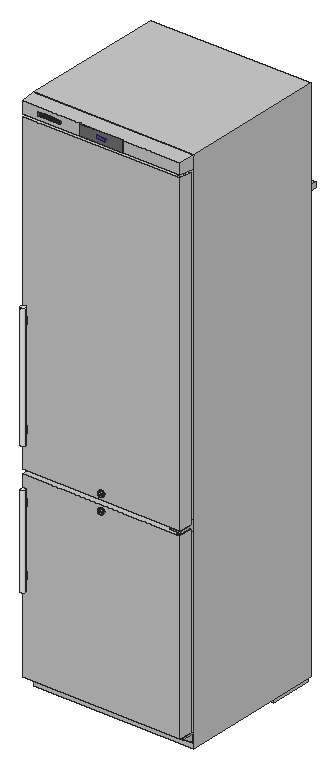
Revit family "QF_LIEBHERR_GCv 4060.191129010224", category Specialty Equipment, Revit 2016
Family settings
  Part Type = Normal
  Round Connector Dimension = Use Diameter
  OmniClass Number = 23.40.40.14
  OmniClass Title = Food Service Equipment
  Work Plane-Based = No
  Always vertical = Yes
  Cut with Voids When Loaded = No
  Shared = No
  Room Calculation Point = No
Parameters (values of type "GCv 4060_230V/1Ph/50Hz")
  URL catalogue = ""
  URL = "home.liebherr.com"
  Type de Raccord Electrique [instance] = ""
  Type article [instance] = ""
  Tension = 230 V
  Status [instance] = ""
  Spécification technique = ""
  Spécification du Fabricant [instance] = ""
  Spécification de l'Utilisateur [instance] = ""
  SMACNA No spécifique pour les matériaux  Etats Unis = ""
  Quantité par lot [instance] = no
  Puissance électrique  = 200 W
  Puissance en CV = ""
  Puissance Apparente = 200 VA
  Protection de l'Appareil = 0 A
  Profondeur hors tout = 615 mm
  Poids net à vide = 81.00 kg
  Phase = 1
  Numéro de Série = ""
  Nombres de Pôles = 2
  Nombre d'identification NAFEM = ""
  Model = "GCv 4060"
  Manufacturer = "LIEBHERR"
  Longueur hors tout = 597 mm
  Intensité nominale courant electrique = 1.5 A
  Installé Par [instance] = ""
  Identifiant Equipement [instance] = no
  Hauteur hors tout = 2003 mm
  Hauteur de Raccordement du Sol Finis [instance] = 50 mm
  Hauteur de Raccordement du Sol Brut [instance] = 0 mm
  Fréquence = 50 Hz
  Fournis Par [instance] = ""
  Description = "FRIDGE/FREEZER GCV 4060, +5/+20°C, S/STEEL EXTERIOR PS INTERIOR, 240/105 L NET"
  Câble de connexion à l'appareil inclus = no
  Cost = 0
  Consommation d'énergie minimale = 0 A
  Connexion prise électrique  = ""
  Code de Révision [instance] = ""
  Classification dans le projet = ""
  Classement sismique = ""
  Accessoires = no
Reference planes
  plane 1 "Centre (avant/arrière)": y = 0
  plane 2: z = 0
  plane 3 "Centre (gauche/droite)": x = 0
Forms (mm)
  Extrusion 1, solid, not visible
    sketch origin (529, -2, 64) x (1, 0, 0) y (0, 1, 0)
      loop
        line (0, 0) -> (2, 0) -> (2, 2) -> (0, 2) -> (0, 0)
    from 0 to 2
Dimensions and locks
  aligned and locked: level to plane 2
Nested families
  nested 1: "QF_LIEBHERR_GCv 4060_230V_1Ph_50Hz" at (0, 0, 15), type "GCv 4060_230V/1Ph/50Hz"
    with Show Logo yes, Show Clearance yes
  nested 2: "QF_LIEBHERR_GCV4060_DOOR_RX" at (0, 0, 15), type "GCV4060_DOOR_RX"
    with Show Logo yes, Show Clearance yes
  nested 3: "QF_LIEBHERR_GCV4060_LEGS" at (0, 0, 0), type "GCV4060_LEGS"
    with Show Logo yes, Show Clearance yes
Connectors
  electrical at (530, 0, 65), driven by "Puissance Apparente", driven by "Nombres de Pôles", driven by "Tension"
    settings: on Extrusion 1, index 1, voltage 230 V, apparent load 0 VA, apparent load phase1 200 VA, apparent load phase2 0 VA, apparent load phase3 0 VA, power factor 1, load classification "Other", number of poles 2, system type 31, power factor state 1, is connector primary yes, connector utility no, sub classification motor no, connector description "Electric connection for 'GCV 4060'"
Definition of nested family "QF_LIEBHERR_GCv 4060_230V_1Ph_50Hz"
  Parameters (values of type "GCv 4060_230V/1Ph/50Hz")
    URL = "home.liebherr.com"
    Show Logo [instance] = yes
    Show Clearance [instance] = yes
    Model = "GCv 4060"
    Manufacturer = "LIEBHERR"
    Description = "FRIDGE/FREEZER GCV 4060, +5/+20°C, S/STEEL EXTERIOR PS INTERIOR, 240/105 L NET"
    Assembly Code = "E1090320"
  Reference planes
    plane 1 "Back": y = 0
    plane 2: z = 0
    plane 3 "Left": x = 0
    plane 4 "Right": x = 597
    plane 5 "Front": y = -615
    plane 6 "Top": z = 1988
  Forms (mm)
    Extrusion 1, solid
      sketch origin (0, 8.25, -14.95) x (0, 1, 0) y (0, 0, 1)
        loop
          line (-17.8, 2002.95) -> (-565.3, 2002.95) -> (-565.3, 14.95) -> (-17.8, 14.95) -> (-17.8, 2002.95)
      from 0 to 597
    Extrusion 2, solid
      sketch origin (0, -1.3, 89.85) x (1, 0, 0) y (0, 1, 0)
        loop
          line (32, 1.3) -> (32, -8.25) -> (224, -8.25) -> (224, 1.3) -> (32, 1.3)
        loop
          line (373, 1.3) -> (373, -8.25) -> (565, -8.25) -> (565, 1.3) -> (373, 1.3)
      from 1834.25 to 1883.25
    Extrusion 3, solid, visible <- "Show Logo"
      sketch origin (-246.919, -615, 31.588) x (1, 0, 0) y (0, 0, 1)
        loop
          line (309.542, 1937.598) -> (309.542, 1926.598) -> (317.534, 1926.598) -> (317.534, 1929.598) -> (314.534, 1929.598) -> (314.534, 1937.598) -> (309.542, 1937.598)
        loop
          line (318.542, 1937.598) -> (318.542, 1926.598) -> (323.534, 1926.598) -> (323.534, 1937.598) -> (318.542, 1937.598)
        loop
          line (325.425, 1937.598) -> (325.425, 1926.598) -> (332.444, 1926.598) -> (332.444, 1929.098) -> (330.418, 1929.098) -> (330.418, 1931.098) -> (332.444, 1931.098) -> (332.444, 1933.098) -> (330.418, 1933.098) -> (330.418, 1935.098) -> (332.444, 1935.098) -> (332.444, 1937.598) -> (325.425, 1937.598)
        loop
          line (334.425, 1937.598) -> (334.425, 1926.598) -> (341.444, 1926.598)
          arc (341.444, 1926.598) -> (344.324, 1928.719) -> (343.152, 1932.098) r 3.015
          arc (343.152, 1932.098) -> (344.324, 1935.477) -> (341.444, 1937.598) r 3.015
          line (341.444, 1937.598) -> (334.425, 1937.598)
        loop
          line (340.389, 1935.098) -> (339.418, 1935.098) -> (339.418, 1933.098) -> (340.389, 1933.098)
          arc (340.389, 1933.098) -> (341.389, 1934.098) -> (340.389, 1935.098) r 1
        loop
          arc (340.456, 1929.098) -> (341.456, 1930.098) -> (340.456, 1931.098) r 1
          line (340.456, 1931.098) -> (339.418, 1931.098) -> (339.418, 1929.098) -> (340.456, 1929.098)
        loop
          line (346.398, 1937.598) -> (346.398, 1926.598) -> (351.391, 1926.598) -> (351.391, 1931.098) -> (353.417, 1931.098) -> (353.417, 1926.598) -> (358.41, 1926.598) -> (358.41, 1937.598) -> (353.417, 1937.598) -> (353.417, 1933.098) -> (351.391, 1933.098) -> (351.391, 1937.598) -> (346.398, 1937.598)
        loop
          line (359.811, 1937.598) -> (359.811, 1926.598) -> (366.83, 1926.598) -> (366.83, 1929.098) -> (364.803, 1929.098) -> (364.803, 1931.098) -> (366.83, 1931.098) -> (366.83, 1933.098) -> (364.803, 1933.098) -> (364.803, 1935.098) -> (366.83, 1935.098) -> (366.83, 1937.598) -> (359.811, 1937.598)
        loop
          line (368.822, 1937.598) -> (368.822, 1926.598) -> (373.814, 1926.598) -> (373.814, 1929.098) -> (374.887, 1926.598) -> (379.88, 1926.598) -> (378.318, 1930.237)
          arc (378.318, 1930.237) -> (379.724, 1934.807) -> (375.841, 1937.598) r 4.097
          line (375.841, 1937.598) -> (368.822, 1937.598)
        loop
          line (374.786, 1935.098) -> (373.814, 1935.098) -> (373.814, 1932.141) -> (374.786, 1932.141)
          arc (374.786, 1932.141) -> (376.264, 1933.619) -> (374.786, 1935.098) r 1.479
        loop
          line (381.56, 1937.598) -> (381.56, 1926.598) -> (386.553, 1926.598) -> (386.553, 1929.098) -> (387.626, 1926.598) -> (392.618, 1926.598) -> (391.057, 1930.237)
          arc (391.057, 1930.237) -> (392.463, 1934.807) -> (388.58, 1937.598) r 4.097
          line (388.58, 1937.598) -> (381.56, 1937.598)
        loop
          line (387.524, 1935.098) -> (386.553, 1935.098) -> (386.553, 1932.141) -> (387.524, 1932.141)
          arc (387.524, 1932.141) -> (389.003, 1933.619) -> (387.524, 1935.098) r 1.479
      from 0 to 2
    Extrusion 4, solid
      sketch origin (80, -9.55, 0) x (1, 0, 0) y (0, 0, 1)
        loop
          circle (450, 50) r 5
      from 0 to -5
    Extrusion 5, solid
      sketch origin (0, 65.18, 114.687) x (1, 0, 0) y (0, 1, 0)
        loop
          line (218.423, -681.18) -> (378.423, -681.18) -> (378.423, -679.18) -> (218.423, -679.18) -> (218.423, -681.18)
      from 1828.057 to 1871.29
    Extrusion 6, solid
      sketch origin (0, -615, 111.411) x (1, 0, 0) y (0, 0, 1)
        loop
          line (283.423, 1847.949) -> (313.423, 1847.949) -> (313.423, 1857.949) -> (283.423, 1857.949) -> (283.423, 1847.949)
      from 0 to 2
    Blend 7, solid
      base sketch origin (0, 0, 0) x (1, 0, 0) y (0, 0, 1)
        loop
          line (0, 1988) -> (0, 1942.107) -> (597, 1942.107) -> (597, 1988) -> (0, 1988)
      top sketch origin (0, 0, 0) x (1, 0, 0) y (0, 0, 1)
        loop
          line (5.536, 1985.976) -> (5.536, 1942.996) -> (592.211, 1942.996) -> (592.211, 1985.976) -> (5.536, 1985.976)
      from 557.05 to 615
    Extrusion 8, solid
      sketch origin (0, 0, 0) x (0, 1, 0) y (0, 0, 1)
        loop
          line (4.2, 1767.15) -> (-9.55, 1767.15) -> (-9.55, 1668.85) -> (4.2, 1668.85) -> (4.2, 1767.15)
      from 274.5 to 385.5
    Extrusion 9, solid
      sketch origin (0, 0, 0) x (0, 1, 0) y (0, 0, 1)
        loop
          line (13.45, 1644.75) -> (-9.55, 1644.75) -> (-9.55, 1625.25) -> (13.45, 1625.25) -> (13.45, 1644.75)
      from 1.25 to 20.75
    Extrusion 10, solid
      sketch origin (575, 0, 0) x (0, 1, 0) y (0, 0, 1)
        loop
          line (13.45, 1644.75) -> (-9.55, 1644.75) -> (-9.55, 1625.25) -> (13.45, 1625.25) -> (13.45, 1644.75)
      from 1.25 to 20.75
  Lines and regions (mm)
    symbolic lines
      curve 1: line (0, -9.55, 0) -> (597, -9.55, 0)
      curve 2: line (597, -9.55, 0) -> (597, -557.05, 0)
      curve 3: line (0, -557.05, 0) -> (0, -9.55, 0)
      curve 4: line (32, -9.55, 0) -> (32, 0, 0)
      curve 5: line (32, 0, 0) -> (224, 0, 0)
      curve 6: line (224, 0, 0) -> (224, -9.55, 0)
      curve 7: line (373, -9.55, 0) -> (373, 0, 0)
      curve 8: line (373, 0, 0) -> (565, 0, 0)
      curve 9: line (565, 0, 0) -> (565, -9.55, 0)
      curve 10: line (0, -557.05, 0) -> (597, -557.05, 0)
      curve 11: line (0, -557.05, 0) -> (5.536, -615, 0)
      curve 12: line (5.536, -615, 0) -> (592.211, -615, 0)
      curve 13: line (592.211, -615, 0) -> (597, -557.05, 0)
      curve 14: line (1.25, 13.45, 0) -> (1.25, -9.55, 0)
      curve 15: line (1.25, 13.45, 0) -> (20.75, 13.45, 0)
      curve 16: line (20.75, 13.45, 0) -> (20.75, -9.55, 0)
      curve 17: line (274.5, 4.2, 0) -> (274.5, -9.55, 0)
      curve 18: line (274.5, 4.2, 0) -> (385.5, 4.2, 0)
      curve 19: line (385.5, 4.2, 0) -> (385.5, 0, 0)
      curve 20: line (576.25, 13.45, 0) -> (576.25, -9.55, 0)
      curve 21: line (576.25, 13.45, 0) -> (595.75, 13.45, 0)
      curve 22: line (595.75, 13.45, 0) -> (595.75, -9.55, 0)
  Dimensions and locks
    plane 5 "Front" to plane 1 "Back" = 615 mm
    plane 3 "Left" to plane 4 "Right" = 597 mm
    plane 6 "Top" to level = 1988 mm
    aligned and locked: level to plane 2
  Connectors
    electrical at (530, -9.55, 50)
      settings: on Extrusion 4, index 1, voltage 0 V, apparent load 0 VA, apparent load phase1 0 VA, apparent load phase2 0 VA, apparent load phase3 0 VA, power factor 1, load classification none, number of poles 1, system type 31, power factor state 1, is connector primary yes, connector utility no, sub classification motor no, connector description "Electrical connection"
Definition of nested family "QF_LIEBHERR_GCV4060_DOOR_RX"
  Parameters (values of type "GCV4060_DOOR_RX")
    URL catalogue [instance] = ""
    URL = "home.liebherr.com"
    Status [instance] = ""
    Spécification technique [instance] = ""
    Spécification du Fabricant [instance] = ""
    Spécification de l'Utilisateur [instance] = ""
    Show Logo [instance] = yes
    Show Clearance [instance] = yes
    SMACNA No spécifique pour les matériaux  Etats Unis [instance] = ""
    Quantité par lot [instance] = no
    Profondeur hors tout [instance] = 60 mm
    Poids net à vide [instance] = 0.00 kg
    Numéro de Série [instance] = ""
    Nombre d'identification NAFEM [instance] = ""
    Model = "GCV4060_DOOR_RX"
    Manufacturer = "LIEBHERR"
    Longueur hors tout [instance] = 597 mm
    Installé Par [instance] = ""
    Identifiant Equipement [instance] = no
    Hauteur hors tout [instance] = 1876 mm
    Fournis Par [instance] = ""
    Description = "DOOR WITH RIGHT OPENING"
    Cost = 0
    Code de Révision [instance] = ""
    Classification dans le projet [instance] = ""
    Classement sismique [instance] = ""
    Assembly Code = "E1090320"
    Accessoires [instance] = yes
  Reference planes
    plane 1 "Back": y = 0
    plane 2: z = 0
    plane 3 "Left": x = 0
    plane 4 "Right": x = 597
    plane 5 "Front": y = -615
    plane 6 "Top": z = 1942.634
  Forms (mm)
    Extrusion 1, solid
      sketch origin (-50.476, 119.155, 0) x (0, 1, 0) y (0, 0, 1)
        loop
          line (-689.839, 721.811) -> (-689.839, 71.8) -> (-676.205, 71.8) -> (-676.205, 721.811) -> (-689.839, 721.811)
      from 71.474 to 626.478
    Extrusion 2, solid
      sketch origin (-130.588, 122.448, 1893.567) x (1, 0, 0) y (0, 1, 0)
        loop
          circle (709.086, -713.896) r 10
      from 39.232 to 49.068
    Extrusion 3, solid, visible <- "Show Clearance", detail levels coarse
      sketch origin (-76.5, 119.155, 0) x (1, 0, 0) y (0, 1, 0)
        loop
          line (673.5, -734.155) -> (75.689, -734.155)
          arc (75.689, -734.155) -> (245.158, -1124.817) -> (633.5, -1299.54) r 589.779
          line (633.5, -1299.54) -> (673.5, -1299.54) -> (673.5, -734.155)
      from 56.8 to 736.8
    Extrusion 4, solid
      sketch origin (0, 49.7, 0) x (1, 0, 0) y (0, 1, 0)
        loop
          line (1.303, -620.385) -> (5.536, -664.7) -> (592.211, -664.7) -> (595.873, -620.385) -> (1.303, -620.385)
      from 56.8 to 736.8
    Extrusion 5, solid
      sketch origin (0, 49.7, -841.103) x (1, 0, 0) y (0, 1, 0)
        loop
          arc (3.682, -654.047) -> (9.479, -674.601) -> (24.635, -689.648) r 42
          arc (24.635, -689.648) -> (30.1, -687.782) -> (35.804, -688.686) r 12
          line (35.804, -688.686) -> (37.258, -686.062)
          arc (37.258, -686.062) -> (31.11, -684.564) -> (25.055, -686.401) r 12
          arc (25.055, -686.401) -> (11.955, -672.892) -> (6.705, -654.822) r 39
          line (6.705, -654.822) -> (6.705, -620.385) -> (3.083, -620.385) -> (3.682, -654.047)
      from 1487.903 to 1512.903
    Extrusion 6, solid
      sketch origin (0, 49.7, -1085.103) x (1, 0, 0) y (0, 1, 0)
        loop
          arc (3.682, -654.047) -> (9.479, -674.601) -> (24.635, -689.648) r 42
          arc (24.635, -689.648) -> (30.1, -687.782) -> (35.804, -688.686) r 12
          line (35.804, -688.686) -> (37.258, -686.062)
          arc (37.258, -686.062) -> (31.11, -684.564) -> (25.055, -686.401) r 12
          arc (25.055, -686.401) -> (11.955, -672.892) -> (6.705, -654.822) r 39
          line (6.705, -654.822) -> (6.705, -620.385) -> (3.083, -620.385) -> (3.682, -654.047)
      from 1487.903 to 1512.903
    Extrusion 7, solid
      sketch origin (0, 49.7, -841.103) x (1, 0, 0) y (0, 1, 0)
        loop
          circle (31.077, -696.739) r 9
      from 1208.403 to 1547.903
    Revolve 8, solid
      sketch origin (298.5, -1.45, 0) x (0, 1, 0) y (0, 0, 1)
        loop
          line (-624.05, 715.3) -> (-613.55, 715.3) -> (-613.55, 726.3) -> (-616.052, 726.3) -> (-618.052, 724.3) -> (-619.05, 724.3) -> (-621.05, 722.3) -> (-621.05, 721.212) -> (-622.05, 721.212) -> (-624.05, 720.212) -> (-624.05, 715.3)
        axis (-613.55, 715.3) -> (-624.05, 715.3)
      angle from 0 to 360
    Extrusion 9, solid
      sketch origin (597.453, 119.155, 784.171) x (0, 1, 0) y (0, 0, -1)
        loop
          line (-676.205, 21.171) -> (-676.205, 58.171) -> (-684.205, 58.171) -> (-684.205, 42.671) -> (-731.205, 42.671) -> (-731.205, 36.671) -> (-684.205, 36.671) -> (-684.205, 21.171) -> (-676.205, 21.171)
      from 5.453 to 46.453
    Extrusion 10, solid
      sketch origin (-149.976, 119.155, 10.632) x (0, 1, 0) y (0, 0, 1)
        loop
          line (-680.221, 13.941) -> (-680.221, 39.157) -> (-723.896, 39.157) -> (-680.221, 13.941)
      from 672.942 to 677.942
    Extrusion 11, solid
      sketch origin (-128.048, 122.448, 10.632) x (1, 0, 0) y (0, 1, 0)
        loop
          circle (709.086, -713.896) r 10
      from 42.671 to 46.168
    Extrusion 12, solid
      sketch origin (600.024, 119.155, 10.632) x (0, 1, 0) y (0, 0, -1)
        loop
          line (-676.205, -7.53) -> (-680.221, -7.53) -> (-680.221, -39.157) -> (-723.896, -39.157) -> (-723.896, -42.671) -> (-676.205, -42.671) -> (-676.205, -7.53)
      from 4.769 to 77.058
    Extrusion 13, solid
      sketch origin (1268.197, 119.155, 10.632) x (0, 1, 0) y (0, 0, -1)
        loop
          line (-680.221, -13.941) -> (-723.896, -39.157) -> (-680.221, -39.157) -> (-680.221, -13.941)
      from 672.942 to 677.942
    Extrusion 14, solid
      sketch origin (1234.552, 119.155, 10.632) x (0, 1, 0) y (0, 0, -1)
        loop
          line (-680.221, -13.941) -> (-723.896, -39.157) -> (-680.221, -39.157) -> (-680.221, -13.941)
      from 672.942 to 677.942
    Extrusion 15, solid
      sketch origin (-50.476, 119.155, 695.7) x (0, 1, 0) y (0, 0, 1)
        loop
          line (-689.839, 1222.099) -> (-689.839, 71.8) -> (-676.205, 71.8) -> (-676.205, 1222.099) -> (-689.839, 1222.099)
      from 71.474 to 626.478
    Extrusion 16, solid, visible <- "Show Clearance", detail levels coarse
      sketch origin (-76.5, 119.155, 695.7) x (1, 0, 0) y (0, 1, 0)
        loop
          line (673.5, -734.155) -> (75.689, -734.155)
          arc (75.689, -734.155) -> (245.158, -1124.817) -> (633.5, -1299.54) r 589.779
          line (633.5, -1299.54) -> (673.5, -1299.54) -> (673.5, -734.155)
      from 56.8 to 1237.099
    Extrusion 17, solid
      sketch origin (0, 49.7, 695.7) x (1, 0, 0) y (0, 1, 0)
        loop
          line (1.303, -620.385) -> (5.536, -664.7) -> (592.211, -664.7) -> (595.873, -620.385) -> (1.303, -620.385)
      from 56.8 to 1237.099
    Extrusion 18, solid
      sketch origin (0, 49.7, -230.403) x (1, 0, 0) y (0, 1, 0)
        loop
          arc (3.682, -654.047) -> (9.479, -674.601) -> (24.635, -689.648) r 42
          arc (24.635, -689.648) -> (30.1, -687.782) -> (35.804, -688.686) r 12
          line (35.804, -688.686) -> (37.258, -686.062)
          arc (37.258, -686.062) -> (31.11, -684.564) -> (25.055, -686.401) r 12
          arc (25.055, -686.401) -> (11.955, -672.892) -> (6.705, -654.822) r 39
          line (6.705, -654.822) -> (6.705, -620.385) -> (3.083, -620.385) -> (3.682, -654.047)
      from 1487.903 to 1512.903
    Extrusion 19, solid
      sketch origin (0, 49.7, -595.403) x (1, 0, 0) y (0, 1, 0)
        loop
          arc (3.682, -654.047) -> (9.479, -674.601) -> (24.635, -689.648) r 42
          arc (24.635, -689.648) -> (30.1, -687.782) -> (35.804, -688.686) r 12
          line (35.804, -688.686) -> (37.258, -686.062)
          arc (37.258, -686.062) -> (31.11, -684.564) -> (25.055, -686.401) r 12
          arc (25.055, -686.401) -> (11.955, -672.892) -> (6.705, -654.822) r 39
          line (6.705, -654.822) -> (6.705, -620.385) -> (3.083, -620.385) -> (3.682, -654.047)
      from 1487.903 to 1512.903
    Extrusion 20, solid
      sketch origin (0, 49.7, -230.403) x (1, 0, 0) y (0, 1, 0)
        loop
          circle (31.077, -696.739) r 9
      from 1087.903 to 1547.903
    Revolve 21, solid
      sketch origin (298.5, -1.45, 58.7) x (0, 1, 0) y (0, 0, 1)
        loop
          line (-624.05, 715.3) -> (-613.55, 715.3) -> (-613.55, 726.3) -> (-616.052, 726.3) -> (-618.052, 724.3) -> (-619.05, 724.3) -> (-621.05, 722.3) -> (-621.05, 721.212) -> (-622.05, 721.212) -> (-624.05, 720.212) -> (-624.05, 715.3)
        axis (-613.55, 715.3) -> (-624.05, 715.3)
      angle from 0 to 360
    Extrusion 22, solid
      sketch origin (-128.048, 113.346, 706.332) x (1, 0, 0) y (0, 1, 0)
        loop
          circle (709.086, -713.896) r 10
      from 41.168 to 46.168
    Extrusion 23, solid
      sketch origin (-128.048, 113.346, 694.129) x (1, 0, 0) y (0, 1, 0)
        loop
          circle (709.086, -713.896) r 10
      from 42.671 to 47.371
  Lines and regions (mm)
    symbolic lines, visible <- "Show Clearance"
      curve 1: line (597, -1180.385, 0) -> (597, -557.05, 0)
      curve 2: line (557, -1180.385, 0) -> (557, -619.813, 0)
      curve 3: line (557, -1180.385, 0) -> (597, -1180.385, 0)
      curve 4: arc (-0.439, -559.95, 0) -> (149.784, -985.617, 0) -> (557, -1180.385, 0) r 589.779
  Dimensions and locks
    plane 5 "Front" to plane 1 "Back" = 615 mm
    plane 3 "Left" to plane 4 "Right" = 597 mm
    plane 6 "Top" to level = 1942.634 mm
    aligned and locked: level to plane 2
Definition of nested family "QF_LIEBHERR_GCV4060_LEGS"
  Parameters (values of type "GCV4060_LEGS")
    URL catalogue [instance] = ""
    URL = "home.liebherr.com"
    Status [instance] = ""
    Spécification technique [instance] = ""
    Spécification du Fabricant [instance] = ""
    Spécification de l'Utilisateur [instance] = ""
    Show Logo [instance] = yes
    Show Clearance [instance] = yes
    SMACNA No spécifique pour les matériaux  Etats Unis [instance] = ""
    Quantité par lot [instance] = no
    Profondeur hors tout [instance] = 615 mm
    Poids net à vide [instance] = 0.00 kg
    Numéro de Série [instance] = ""
    Nombre d'identification NAFEM [instance] = ""
    Model = "GCV4060_LEGS"
    Manufacturer = "LIEBHERR"
    Longueur hors tout [instance] = 597 mm
    Installé Par [instance] = ""
    Identifiant Equipement [instance] = no
    Hauteur hors tout [instance] = 15 mm
    Fournis Par [instance] = ""
    Description = "STANDARD LEGS"
    Cost = 0
    Code de Révision [instance] = ""
    Classification dans le projet [instance] = ""
    Classement sismique [instance] = ""
    Assembly Code = "E1090320"
    Accessoires [instance] = yes
  Reference planes
    plane 1 "Back": y = 0
    plane 2: z = 0
    plane 3 "Left": x = 0
    plane 4 "Right": x = 597
    plane 5 "Front": y = -615
    plane 6 "Top": z = 15
  Forms (mm)
    Revolve 1, solid
      sketch origin (20.892, -510.32, 0) x (1, 0, 0) y (0, 0, 1)
        loop
          line (32.129, 15) -> (32.129, 0) -> (39.999, 0) -> (43.173, 0.904) -> (43.173, 4.418) -> (38.655, 4.418)
          arc (38.655, 4.418) -> (37.59, 4.859) -> (37.149, 5.924) r 1.506
          line (37.149, 5.924) -> (37.149, 15) -> (32.129, 15)
        axis (32.129, 15) -> (32.129, 0)
      angle from 0 to 360
    Extrusion 2, solid
      sketch origin (0.085, 12.634, 0) x (0, 1, 0) y (0, 0, 1)
        loop
          line (-31.634, 15) -> (-191.634, 15) -> (-191.634, 0) -> (-31.634, 0) -> (-31.634, 15)
      from 3.715 to 22.791
    Revolve 3, solid
      sketch origin (576.108, -510.32, 0) x (-1, 0, 0) y (0, 0, -1)
        loop
          line (32.129, -15) -> (37.149, -15) -> (37.149, -5.924)
          arc (37.149, -5.924) -> (37.59, -4.859) -> (38.655, -4.418) r 1.506
          line (38.655, -4.418) -> (43.173, -4.418) -> (43.173, -0.904) -> (39.999, 0) -> (32.129, 0) -> (32.129, -15)
        axis (32.129, -15) -> (32.129, 0)
      angle from 0 to 360
    Extrusion 4, solid
      sketch origin (596.915, 12.634, 0) x (0, 1, 0) y (0, 0, -1)
        loop
          line (-31.634, -15) -> (-31.634, 0) -> (-191.634, 0) -> (-191.634, -15) -> (-31.634, -15)
      from 3.715 to 22.791
  Dimensions and locks
    plane 5 "Front" to plane 1 "Back" = 615 mm
    plane 3 "Left" to plane 4 "Right" = 597 mm
    plane 6 "Top" to level = 15 mm  (x2)
    aligned and locked: level to plane 2
